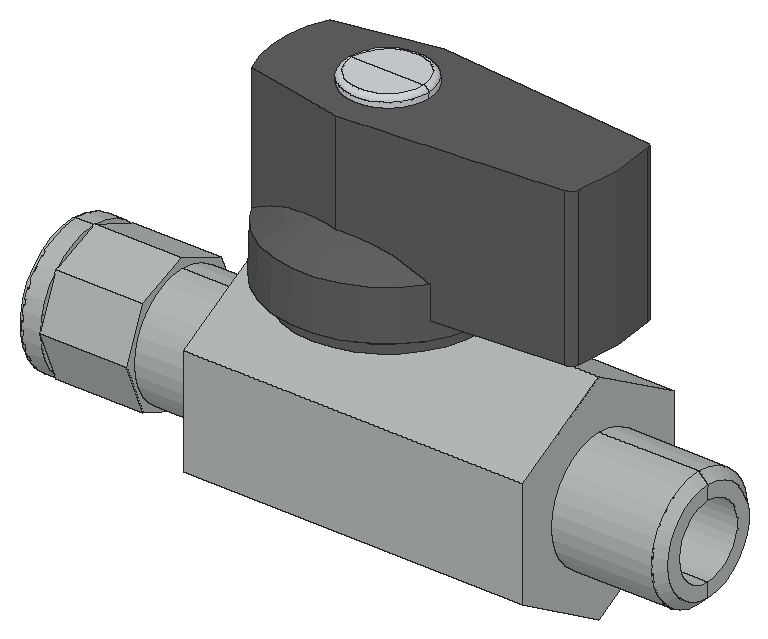
Revit family "QL12100000", category Apparecchi idraulici, Revit 2020
Family settings
  Quota connettore circolare = Usa diametro
  Tipo di parte = Normale
  Numero OmniClass = 23.45.00.00
  Titolo OmniClass = Sanitary, Laundry, and Cleaning Equipment
  Basato su piano di lavoro = No
  Sempre verticale = Sì
  Taglio con vuoti quando caricato = No
  Condiviso = No
  Punto di calcolo locali = No
Parameters
  URL = "https://web.cimberio.com/index.php/figura/44?subcategoria_id=47"
  Temperatura di esercizio = "-20 ÷ 95°C"
  Prospetto di default = 0 mm
  Produttore = "CIMBERIO SPA"
  Pressione nominale = "PN 150"
  Modello = "Cim 021"
  Materiale = "Prodotto in lega di ottone conforme alla norma EN 12165-CW617N-DW"
  Descrizione = "Realizzato in ottemperanza ai requisiti gestionali della norma EN ISO 9001.\r\nUtilizzato per la regolazione della temperatura degli ambienti e comandare apparecchi degli impianti di riscaldamento e condizionamento."
  DN model [instance] = QL12103057 : QL12103057
  DN [instance] = 8 mm
  Commenti sul tipo = "Utilizzato nei più svariati settori dell'impiantistica: impianti di riscaldamento, condizionamento, idrici, igienico-sanitari, aria compressa e in generale con ogni fluido non corrosivo"
Reference planes
  plane 1 "Centro (Fronte/Retro)": y = 0
  plane 2: z = 0
  plane 3 "Centro (Sinistra/Destra)": x = 0
Dimensions and locks
  aligned and locked: level to plane 2
Nested families
  nested 1: "QL12103057" at (0, 0, 0), type <- "DN model", type "QL12103057"
    with DN Model none, DN 15 mm
  nested 2: "QL12103057" at (0, 0, 0), type <- "DN model", type "QL12103057"
  nested 3: "QL12103057" at (0, 0, 0), type <- "DN model", type "QL12103057"
  nested 4: "QL12103057" at (0, 0, 0), type <- "DN model", type "QL12103057"
Connectors
  piping at (33.219, 0, 11.892), diameter 8, driven by "DN"
    settings: on nested 1, index 1, connector inside diameter 609.6 mm, connector length 0 mm, flow factor 0, pipe flow 0.0 L/s, pressure drop 0.0 Pa, fitting loss kfactor 0, connector angle 0.00°, fixture units 0, engagement length 0 mm, angle of deflection 0.00°, flow configuration 0, flow direction 0, fitting loss method 0, system type 7, joint type 0, gender type 0, connector reference index -1, connector utility 0, adjustable connector no, is connector primary yes, connector description ""
  piping at (-33.766, 0, 11.9), diameter 8, driven by "DN"
    settings: on nested 1, index 2, connector inside diameter 609.6 mm, connector length 0 mm, flow factor 0, pipe flow 0.0 L/s, pressure drop 0.0 Pa, fitting loss kfactor 0, connector angle 0.00°, fixture units 0, engagement length 0 mm, angle of deflection 0.00°, flow configuration 0, flow direction 0, fitting loss method 0, system type 7, joint type 0, gender type 0, connector reference index -1, connector utility 0, adjustable connector no, is connector primary no, connector description ""
Definition of nested family "QL12103057"
  Parameters (values of type "QL12103057")
    URL = "https://web.cimberio.com/index.php/figura/1418?subcategoria_id="
    Temperatura di esercizio = "-10 ÷ 110°C"
    Default Elevation = 0 mm
    Manufacturer = "CIMBERIO SPA"
    Pressione nominale = "PN 10"
    Model = "Cim 150VIC"
    Materiale = "Prodotto in lega di ottone conforme alla norma EN 12165-CW617N-DW"
    Description = "Utilizzato nei più svariati settori dell'impiantistica: impianti di riscaldamento, condizionamento, idrici, igienico-sanitari e in generale con ogni fluido non corrosivo"
    DN Model [instance] = HG00081015 : HG00081015
    DN [instance] = 15 mm
    Type Comments = "Realizzato in ottemperanza ai requisiti gestionali della norma EN ISO 9001.\r\nCollaudato al 100% secondo la normativa EN 12266-1"
  Reference planes
    plane 1 "Centro (Fronte/Retro)": y = 0
    plane 2: z = 0
    plane 3 "Centro (Sinistra/Destra)": x = 0
  Forms (mm)
    Extrusion 1, solid
      sketch origin (0, 0, 11.9) x (0, 1, 0) y (0, 0, 1)
        loop
          circle (0, 0) r 4
        loop
          line (0, 11.9) -> (-10.306, 5.95) -> (-10.306, -5.95) -> (0, -11.9) -> (10.306, -5.95) -> (10.306, 5.95) -> (0, 11.9)
      from -15.762 to 21.238
    Revolve 2, solid
      sketch origin (0, 0, -3.558) x (1, 0, 0) y (0, 0, 1)
        loop
          line (-13.65, 29.159) -> (-12.068, 28.245) -> (-12.068, 27.3) -> (-1.75, 27.3) -> (-1.75, 38.235)
          arc (-1.75, 38.235) -> (-7.968, 37.443) -> (-13.555, 34.603) r 18.326
          line (-13.555, 34.603) -> (-13.65, 29.159)
        axis (-1.75, 27.3) -> (-1.75, 38.235)
      angle from 0 to 360
    Revolve 3, solid
      sketch origin (0, 0, -3.544) x (1, 0, 0) y (0, 0, 1)
        loop
          line (-6.25, 48.586) -> (-6.25, 47.06) -> (-1.75, 47.06) -> (-1.75, 49.1) -> (-5.644, 49.1)
          arc (-5.644, 49.1) -> (-6.041, 48.954) -> (-6.25, 48.586) r 0.614
        axis (-1.75, 49.1) -> (-1.75, 47.06)
      angle from 0 to 360
    Extrusion 4, solid
      sketch origin (0, 0, 0) x (1, 0, 0) y (0, 1, 0)
        loop
          line (-1.55, -7.358) -> (21.897, -5.374)
          arc (21.897, -5.374) -> (22.482, -5.121) -> (22.795, -4.565) r 1
          arc (22.795, -4.565) -> (23.239, 0.126) -> (22.795, 4.817) r 25
          arc (22.795, 4.817) -> (22.645, 5.184) -> (22.364, 5.464) r 1
          line (22.364, 5.464) -> (-1.549, 7.359) -> (-12.286, 5.325)
          arc (-12.286, 5.325) -> (-13.555, -0.054) -> (-12.237, -5.422) r 11.805
          line (-12.237, -5.422) -> (-1.55, -7.358)
      from 27.517 to 44.542
    Revolve 5, solid
      sketch origin (0, 0, 0) x (1, 0, 0) y (0, 0, 1)
        loop
          line (-27.762, 17.392) -> (-27.762, 15.892) -> (-15.762, 15.892) -> (-15.762, 18.392) -> (-26.762, 18.392) -> (-27.762, 17.392)
        axis (-27.762, 11.892) -> (-15.762, 11.892)
      angle from 0 to 360
    Revolve 6, solid
      sketch origin (0, 0, 0) x (1, 0, 0) y (0, 0, 1)
        loop
          arc (-35.766, 19.258) -> (-36.12, 19.111) -> (-36.266, 18.758) r 0.5
          line (-36.266, 18.758) -> (-36.266, 15.908) -> (-33.766, 15.908) -> (-33.766, 19.258) -> (-35.766, 19.258)
        axis (-33.766, 11.908) -> (-36.266, 11.908)
      angle from 0 to 360
    Extrusion 7, solid
      sketch origin (0, 0, 0) x (0, 1, 0) y (0, 0, 1)
        loop
          circle (0, 11.9) r 4.008
        loop
          line (0, 19.4) -> (-5.303, 17.203) -> (-7.5, 11.9) -> (-5.303, 6.597) -> (0, 4.4) -> (5.303, 6.597) -> (7.5, 11.9) -> (5.303, 17.203) -> (0, 19.4)
      from -33.766 to -24.266
    Revolve 8, solid
      sketch origin (5.456, 0, 0) x (-1, 0, 0) y (0, 0, 1)
        loop
          line (-27.762, 17.392) -> (-27.762, 15.892) -> (-15.762, 15.892) -> (-15.762, 18.392) -> (-26.762, 18.392) -> (-27.762, 17.392)
        axis (-27.762, 11.892) -> (-15.762, 11.892)
      angle from 0 to 360
  Dimensions and locks
    aligned and locked: level to plane 2
